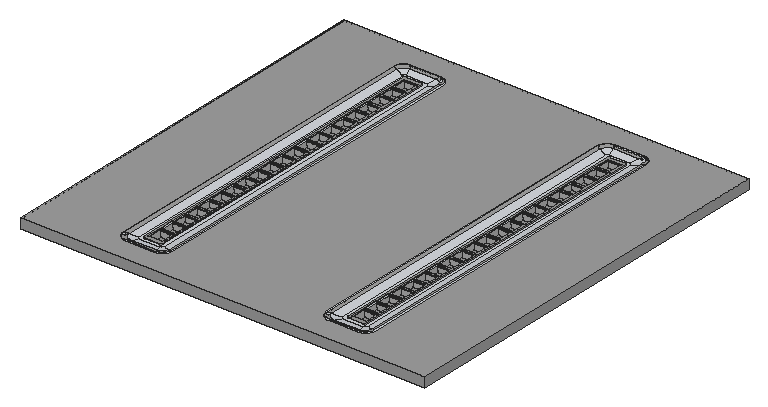
Revit family "0044002 Sylvania Lighting Fixture OptiClip 600 4000K C8 WH SSC WHITE", category Lighting Fixtures, host Face, Revit 2016
Family settings
  Host = Face
  Part Type = Normal
  Round Connector Dimension = Use Diameter
  OmniClass Number = 23.80.70.00
  OmniClass Title = Lighting
  Cut with Voids When Loaded = No
  Light Source = Yes
  Shared = No
  Room Calculation Point = No
Parameters (values of type "Type Name")
  spacer height = 5 mm
  spacer centres = 1000 mm
  height = 14.63 mm
  cut out width = 590 mm
  cut out length = 590 mm
  Width = 595 mm
  Weight = ""
  Wattage Comments = ""
  Wattage = 9.2903 W
  WarrantyStartDate [instance] = "n/a"
  WarrantyGuarantorParts = "n/a"
  WarrantyDurationUnit = "n/a"
  WarrantyDurationParts = "n/a"
  WarrantyDescription = "n/a"
  built-in parameter 1150110 = 1 (stored number, unit not read)
  Voltage = 0 V
  URL = "http://www.feilosylvania.com"
  TypeName = ""
  Type Image = <None>
  Type Comments = "n/a"
  built-in parameter 1114217 = 1 (stored number, unit not read)
  Tilt Angle = 90.00°
  built-in parameter 1150109 = 1 (stored number, unit not read)
  built-in parameter 1150134 = 3
  built-in parameter 1150113 = 1 (stored number, unit not read)
  SerialNumber [instance] = "n/a"
  Photometric Web File = "0044002.ies"
  Material_3_FEILO = none
  PowerFactor = 0
  PowerConsumption = ""
  NominalLength = 0 mm
  NominalHeight = 0 mm
  NominalDepth = 0 mm
  Name = ""
  ModelReference = Name  # ""
  ModelNumber = ""
  Model = Name  # ""
  Material = ""
  ManufacturerName = "Feilo Sylvania"
  Manufacturer = "Feilo Sylvania"
  LuminousEfficacy = ""
  built-in parameter 1150105 = 109.82 (stored number, unit not read)
  Lumens = 1380 lm
  LuminaireType = ""
  built-in parameter 1150115 = 1 (stored number, unit not read)
  LightOutputRatio = ""
  built-in parameter 1150137 = (empty or 0)
  built-in parameter 1150139 = (empty or 0)
  Length = 595 mm
  LampsType = Lamp  # ""
  LampNominalLuminous = ""
  LampMacAdamStep = ""
  LampColourTemperature = ""
  LampColourRenderingIndex = ""
  built-in parameter 1150112 = 1 (stored number, unit not read)
  built-in parameter 1150114 = 1 (stored number, unit not read)
  Lamp = ""
  Keynote = "16500"
  InstallationDate [instance] = "n/a"
  InputVoltage = ""
  InputNominalFrequency = ""
  built-in parameter 1150132 = (empty or 0)
  built-in parameter 1150102 = (empty or 0)
  built-in parameter 1150107 = 3200 (stored number, unit not read)
  built-in parameter 1150138 = (empty or 0)
  IngressProtection = ""
  ImpactProtectionIndex = ""
  built-in parameter 1150106 = 1.0982 (stored number, unit not read)
  IfcExportType = "IfcLightFixtureType"
  IfcExportAs = "IfcLightFixtureType"
  Height = 50 mm
  ExpectedLife = 50000
  Emit from Circle Diameter = 609.6 mm
  Emit Shape Visible in Rendering = no
  ElectricShockClassification = ""
  built-in parameter 1150104 = 13.8 (stored number, unit not read)
  DurationUnit = "hours"
  DocumentationLiterature = ""
  DimmingControlOptions = ""
  Material_2_FEILO = none
  Dimming Lamp Color Temperature Shift = <None>
  Description = ""
  Default Elevation = 1219.2 mm
  CreatedOn = ""
  CreatedBy = ""
  Cost = 0
  Color Filter = 16777215
  built-in parameter 1114216 [instance] = (empty or 0)
  ClassificationValue = "EF_70_80"
  ClassificationName = "Uniclass2015"
  Material_1_FEILO = none
  BarCode [instance] = "n/a"
  built-in parameter 1114218 = 1 (stored number, unit not read)
  built-in parameter 1150133 = 10 (stored number, unit not read)
  AssetType = ""
  AssetIdentifier [instance] = "n/a"
  Assembly Code = "D5020200"
  Apparent Load = 0 VA
  Material_4_FEILO = none
Reference planes
  plane 1 "Center (Front/Back)": y = 0
  plane 2: z = 0
  plane 3 "Center (Left/Right)": x = 0
  plane 4: z = 0
  plane 5: y = 297.5
  plane 6: y = -297.5
  plane 7: x = -297.5
  plane 8: x = 297.5
  plane 9: x = -295
  plane 10: x = 295
  plane 11: y = 295
  plane 12: y = -295
  plane 13: z = -14.63
  plane 14: y = 296.5
  plane 15: x = -296.5
  plane 16: x = 296.5
  plane 17: y = -296.5
  plane 18: x = -185
  plane 19: x = -113
  plane 20: y = -246.5
  plane 21: x = -184
  plane 22: y = 262
  plane 23: x = -114
  plane 24: y = -262
  plane 25: y = 245.5
  plane 26: y = -245.345
  plane 27: x = -160
  plane 28: x = -138
  plane 29: y = 236.5
  plane 30: y = -236.345
  plane 31: y = 213.35
  plane 32: y = 212.35
  plane 33: y = 190.95
  plane 34: y = 189.95
  plane 35: y = 168.595
  plane 36: y = 167.595
  plane 37: y = 146.15
  plane 38: y = 145.15
  plane 39: y = 123.75
  plane 40: y = 122.75
  plane 41: y = 101.35
  plane 42: y = 100.35
  plane 43: y = 78.95
  plane 44: y = 77.95
  plane 45: y = 56.576
  plane 46: y = 55.576
  plane 47: y = 34.15
  plane 48: y = 33.15
  plane 49: y = 11.75
  plane 50: y = 10.75
  plane 51: y = -10.65
  plane 52: y = -11.65
  plane 53: y = -33.05
  plane 54: y = -34.05
  plane 55: y = -55.45
  plane 56: y = -56.45
  plane 57: y = -77.805
  plane 58: y = -78.805
  plane 59: y = -100.25
  plane 60: y = -101.25
  plane 61: y = -122.65
  plane 62: y = -123.65
  plane 63: y = -145.05
  plane 64: y = -146.05
  plane 65: y = -167.45
  plane 66: y = -168.416
  plane 67: y = -189.816
  plane 68: y = -190.816
  plane 69: y = -212.216
  plane 70: y = -213.216
  plane 71: y = -234.616
  plane 72: x = -159.5
  plane 73: x = -138.539
  plane 74: y = 230.05
  plane 75: y = 218.05
  plane 76: x = -143.039
  plane 77: x = -155
  plane 78: x = -162.5
  plane 79: x = -135.5
  plane 80: y = 240.5
  plane 81: y = -240.345
  plane 82: y = 238
Forms (mm)
  Extrusion 1, void, detail levels medium+fine
    sketch origin (4.2, 0, 0) x (0, 1, 0) y (1, 0, 0)
      loop
        line (295, -299.2) -> (295, 290.8) -> (-295, 290.8) -> (-295, -299.2) -> (295, -299.2)
    from 0 to 10
  Extrusion 2, solid, material "Default", detail levels medium+fine
    sketch origin (4.2, 0, 0) x (1, 0, 0) y (0, 1, 0)
      loop
        line (-301.7, 297.5) -> (-301.7, -297.5) -> (293.3, -297.5) -> (293.3, 297.5) -> (-301.7, 297.5)
    from 0 to -14.63
  Extrusion 3, void, detail levels medium+fine
    sketch origin (4.2, 0, 0) x (0, 1, 0) y (1, 0, 0)
      loop
        line (296.5, -300.7) -> (296.5, 292.3) -> (-296.5, 292.3) -> (-296.5, -300.7) -> (296.5, -300.7)
    from 1.008 to 14.63
  Blend 4, solid, detail levels medium+fine
    base sketch origin (4.2, 0, 0) x (1, 0, 0) y (0, 1, 0)
      loop
        line (-189.2, 248) -> (-189.2, -248)
        arc (-189.2, -248) -> (-184.807, -258.607) -> (-174.2, -263) r 15
        line (-174.2, -263) -> (-132.2, -263)
        arc (-132.2, -263) -> (-121.593, -258.607) -> (-117.2, -248) r 15
        line (-117.2, -248) -> (-117.2, 248)
        arc (-117.2, 248) -> (-121.593, 258.607) -> (-132.2, 263) r 15
        line (-132.2, 263) -> (-174.2, 263)
        arc (-174.2, 263) -> (-184.807, 258.607) -> (-189.2, 248) r 15
    top sketch origin (4.2, 0, 0) x (1, 0, 0) y (0, 1, 0)
      loop
        line (-172.7, 242.5) -> (-172.7, -242.5)
        arc (-172.7, -242.5) -> (-171.517, -245.34) -> (-168.667, -246.5) r 4
        line (-168.667, -246.5) -> (-137.633, -246.5)
        arc (-137.633, -246.5) -> (-134.828, -245.324) -> (-133.7, -242.5) r 3.934
        line (-133.7, -242.5) -> (-133.7, 242.5)
        arc (-133.7, 242.5) -> (-134.982, 245.439) -> (-138.008, 246.5) r 4.011
        line (-138.008, 246.5) -> (-168.7, 246.5)
        arc (-168.7, 246.5) -> (-171.528, 245.328) -> (-172.7, 242.5) r 4
    from 0 to -4
  Blend 5, void
    base sketch origin (4.2, 0, 0) x (0, 1, 0) y (-1, 0, 0)
      loop
        line (248, 188.2) -> (-248, 188.2)
        arc (-248, 188.2) -> (-257.899, 184.099) -> (-262, 174.2) r 14
        line (-262, 174.2) -> (-262, 132.2)
        arc (-262, 132.2) -> (-257.899, 122.301) -> (-248, 118.2) r 14
        line (-248, 118.2) -> (248, 118.2)
        arc (248, 118.2) -> (257.899, 122.301) -> (262, 132.2) r 14
        line (262, 132.2) -> (262, 174.2)
        arc (262, 174.2) -> (257.899, 184.099) -> (248, 188.2) r 14
    top sketch origin (4.2, 0, 0) x (0, 1, 0) y (-1, 0, 0)
      loop
        line (242.5, 171.7) -> (-242.5, 171.7)
        arc (-242.5, 171.7) -> (-244.579, 170.8) -> (-245.345, 168.667) r 2.851
        line (-245.345, 168.667) -> (-245.345, 137.633)
        arc (-245.345, 137.633) -> (-244.517, 135.59) -> (-242.5, 134.7) r 2.934
        line (-242.5, 134.7) -> (242.5, 134.7)
        arc (242.5, 134.7) -> (244.733, 135.69) -> (245.5, 138.008) r 3.014
        line (245.5, 138.008) -> (245.5, 168.7)
        arc (245.5, 168.7) -> (244.621, 170.821) -> (242.5, 171.7) r 3
    from 0 to -3.5
  Extrusion 6, solid, material "Aluminum 1100-H18", detail levels medium+fine
    sketch origin (4.2, 0, 0) x (1, 0, 0) y (0, 1, 0)
      loop
        line (-164.2, 236.5) -> (-164.2, -236.345) -> (-142.2, -236.345) -> (-142.2, 236.5) -> (-164.2, 236.5)
    from -4 to -14.63
  Extrusion 7, solid, material "Aluminum 1100-H18", detail levels medium+fine
    sketch origin (4.2, 0, 0) x (1, 0, 0) y (0, 1, 0)
      loop
        line (-166.7, 238) -> (-166.7, -238.071)
        arc (-166.7, -238.071) -> (-165.953, -239.761) -> (-164.2, -240.345) r 2.284
        line (-164.2, -240.345) -> (-142.156, -240.345)
        arc (-142.156, -240.345) -> (-140.483, -239.689) -> (-139.7, -238.071) r 2.464
        line (-139.7, -238.071) -> (-139.7, 238)
        arc (-139.7, 238) -> (-140.432, 239.768) -> (-142.2, 240.5) r 2.5
        line (-142.2, 240.5) -> (-164.2, 240.5)
        arc (-164.2, 240.5) -> (-165.968, 239.768) -> (-166.7, 238) r 2.5
    from -3.5 to -2.5
  Blend 8, void
    base sketch origin (4.2, 0, 0) x (0, 1, 0) y (-1, 0, 0)
      loop
        line (234.75, 163.7) -> (213.35, 163.7) -> (213.35, 142.739) -> (234.75, 142.739) -> (234.75, 163.7)
    top sketch origin (4.2, 0, 0) x (0, 1, 0) y (-1, 0, 0)
      loop
        line (230.05, 159.2) -> (218.05, 159.2) -> (218.05, 147.239) -> (230.05, 147.239) -> (230.05, 159.2)
    from -2.5 to -11
  Blend 9, void
    base sketch origin (4.2, -22.4, 0) x (0, 1, 0) y (-1, 0, 0)
      loop
        line (234.75, 163.7) -> (213.35, 163.7) -> (213.35, 142.739) -> (234.75, 142.739) -> (234.75, 163.7)
    top sketch origin (4.2, -22.4, 0) x (0, 1, 0) y (-1, 0, 0)
      loop
        line (230.05, 159.2) -> (218.05, 159.2) -> (218.05, 147.239) -> (230.05, 147.239) -> (230.05, 159.2)
    from -2.5 to -11
  Blend 10, void
    base sketch origin (4.2, -44.8, 0) x (0, 1, 0) y (-1, 0, 0)
      loop
        line (234.75, 163.7) -> (213.35, 163.7) -> (213.35, 142.739) -> (234.75, 142.739) -> (234.75, 163.7)
    top sketch origin (4.2, -44.8, 0) x (0, 1, 0) y (-1, 0, 0)
      loop
        line (230.05, 159.2) -> (218.05, 159.2) -> (218.05, 147.239) -> (230.05, 147.239) -> (230.05, 159.2)
    from -2.5 to -11
  Blend 11, void
    base sketch origin (4.2, -67.155, 0) x (0, 1, 0) y (-1, 0, 0)
      loop
        line (234.75, 163.7) -> (213.35, 163.7) -> (213.35, 142.739) -> (234.75, 142.739) -> (234.75, 163.7)
    top sketch origin (4.2, -67.155, 0) x (0, 1, 0) y (-1, 0, 0)
      loop
        line (230.05, 159.2) -> (218.05, 159.2) -> (218.05, 147.239) -> (230.05, 147.239) -> (230.05, 159.2)
    from -2.5 to -11
  Blend 12, void
    base sketch origin (4.2, -89.6, 0) x (0, 1, 0) y (-1, 0, 0)
      loop
        line (234.75, 163.7) -> (213.35, 163.7) -> (213.35, 142.739) -> (234.75, 142.739) -> (234.75, 163.7)
    top sketch origin (4.2, -89.6, 0) x (0, 1, 0) y (-1, 0, 0)
      loop
        line (230.05, 159.2) -> (218.05, 159.2) -> (218.05, 147.239) -> (230.05, 147.239) -> (230.05, 159.2)
    from -2.5 to -11
  Blend 13, void
    base sketch origin (4.2, -112, 0) x (0, 1, 0) y (-1, 0, 0)
      loop
        line (234.75, 163.7) -> (213.35, 163.7) -> (213.35, 142.739) -> (234.75, 142.739) -> (234.75, 163.7)
    top sketch origin (4.2, -112, 0) x (0, 1, 0) y (-1, 0, 0)
      loop
        line (230.05, 159.2) -> (218.05, 159.2) -> (218.05, 147.239) -> (230.05, 147.239) -> (230.05, 159.2)
    from -2.5 to -11
  Blend 14, void
    base sketch origin (4.2, -134.4, 0) x (0, 1, 0) y (-1, 0, 0)
      loop
        line (234.75, 163.7) -> (213.35, 163.7) -> (213.35, 142.739) -> (234.75, 142.739) -> (234.75, 163.7)
    top sketch origin (4.2, -134.4, 0) x (0, 1, 0) y (-1, 0, 0)
      loop
        line (230.05, 159.2) -> (218.05, 159.2) -> (218.05, 147.239) -> (230.05, 147.239) -> (230.05, 159.2)
    from -2.5 to -11
  Blend 15, void
    base sketch origin (4.2, -156.8, 0) x (0, 1, 0) y (-1, 0, 0)
      loop
        line (234.75, 163.7) -> (213.35, 163.7) -> (213.35, 142.739) -> (234.75, 142.739) -> (234.75, 163.7)
    top sketch origin (4.2, -156.8, 0) x (0, 1, 0) y (-1, 0, 0)
      loop
        line (230.05, 159.2) -> (218.05, 159.2) -> (218.05, 147.239) -> (230.05, 147.239) -> (230.05, 159.2)
    from -2.5 to -11
  Blend 16, void
    base sketch origin (4.2, -179.174, 0) x (0, 1, 0) y (-1, 0, 0)
      loop
        line (234.75, 163.7) -> (213.35, 163.7) -> (213.35, 142.739) -> (234.75, 142.739) -> (234.75, 163.7)
    top sketch origin (4.2, -179.174, 0) x (0, 1, 0) y (-1, 0, 0)
      loop
        line (230.05, 159.2) -> (218.05, 159.2) -> (218.05, 147.239) -> (230.05, 147.239) -> (230.05, 159.2)
    from -2.5 to -11
  Blend 17, void
    base sketch origin (4.2, -201.6, 0) x (0, 1, 0) y (-1, 0, 0)
      loop
        line (234.75, 163.7) -> (213.35, 163.7) -> (213.35, 142.739) -> (234.75, 142.739) -> (234.75, 163.7)
    top sketch origin (4.2, -201.6, 0) x (0, 1, 0) y (-1, 0, 0)
      loop
        line (230.05, 159.2) -> (218.05, 159.2) -> (218.05, 147.239) -> (230.05, 147.239) -> (230.05, 159.2)
    from -2.5 to -11
  Blend 18, void
    base sketch origin (4.2, -224, 0) x (0, 1, 0) y (-1, 0, 0)
      loop
        line (234.75, 163.7) -> (213.35, 163.7) -> (213.35, 142.739) -> (234.75, 142.739) -> (234.75, 163.7)
    top sketch origin (4.2, -224, 0) x (0, 1, 0) y (-1, 0, 0)
      loop
        line (230.05, 159.2) -> (218.05, 159.2) -> (218.05, 147.239) -> (230.05, 147.239) -> (230.05, 159.2)
    from -2.5 to -11
  Blend 19, void
    base sketch origin (4.2, -246.4, 0) x (0, 1, 0) y (-1, 0, 0)
      loop
        line (234.75, 163.7) -> (213.35, 163.7) -> (213.35, 142.739) -> (234.75, 142.739) -> (234.75, 163.7)
    top sketch origin (4.2, -246.4, 0) x (0, 1, 0) y (-1, 0, 0)
      loop
        line (230.05, 159.2) -> (218.05, 159.2) -> (218.05, 147.239) -> (230.05, 147.239) -> (230.05, 159.2)
    from -2.5 to -11
  Blend 20, void
    base sketch origin (4.2, -268.8, 0) x (0, 1, 0) y (-1, 0, 0)
      loop
        line (234.75, 163.7) -> (213.35, 163.7) -> (213.35, 142.739) -> (234.75, 142.739) -> (234.75, 163.7)
    top sketch origin (4.2, -268.8, 0) x (0, 1, 0) y (-1, 0, 0)
      loop
        line (230.05, 159.2) -> (218.05, 159.2) -> (218.05, 147.239) -> (230.05, 147.239) -> (230.05, 159.2)
    from -2.5 to -11
  Blend 21, void
    base sketch origin (4.2, -291.2, 0) x (0, 1, 0) y (-1, 0, 0)
      loop
        line (234.75, 163.7) -> (213.35, 163.7) -> (213.35, 142.739) -> (234.75, 142.739) -> (234.75, 163.7)
    top sketch origin (4.2, -291.2, 0) x (0, 1, 0) y (-1, 0, 0)
      loop
        line (230.05, 159.2) -> (218.05, 159.2) -> (218.05, 147.239) -> (230.05, 147.239) -> (230.05, 159.2)
    from -2.5 to -11
  Blend 22, void
    base sketch origin (4.2, -313.555, 0) x (0, 1, 0) y (-1, 0, 0)
      loop
        line (234.75, 163.7) -> (213.35, 163.7) -> (213.35, 142.739) -> (234.75, 142.739) -> (234.75, 163.7)
    top sketch origin (4.2, -313.555, 0) x (0, 1, 0) y (-1, 0, 0)
      loop
        line (230.05, 159.2) -> (218.05, 159.2) -> (218.05, 147.239) -> (230.05, 147.239) -> (230.05, 159.2)
    from -2.5 to -11
  Blend 23, void
    base sketch origin (4.2, -336, 0) x (0, 1, 0) y (-1, 0, 0)
      loop
        line (234.75, 163.7) -> (213.35, 163.7) -> (213.35, 142.739) -> (234.75, 142.739) -> (234.75, 163.7)
    top sketch origin (4.2, -336, 0) x (0, 1, 0) y (-1, 0, 0)
      loop
        line (230.05, 159.2) -> (218.05, 159.2) -> (218.05, 147.239) -> (230.05, 147.239) -> (230.05, 159.2)
    from -2.5 to -11
  Blend 24, void
    base sketch origin (4.2, -358.4, 0) x (0, 1, 0) y (-1, 0, 0)
      loop
        line (234.75, 163.7) -> (213.35, 163.7) -> (213.35, 142.739) -> (234.75, 142.739) -> (234.75, 163.7)
    top sketch origin (4.2, -358.4, 0) x (0, 1, 0) y (-1, 0, 0)
      loop
        line (230.05, 159.2) -> (218.05, 159.2) -> (218.05, 147.239) -> (230.05, 147.239) -> (230.05, 159.2)
    from -2.5 to -11
  Blend 25, void
    base sketch origin (4.2, -380.8, 0) x (0, 1, 0) y (-1, 0, 0)
      loop
        line (234.75, 163.7) -> (213.35, 163.7) -> (213.35, 142.739) -> (234.75, 142.739) -> (234.75, 163.7)
    top sketch origin (4.2, -380.8, 0) x (0, 1, 0) y (-1, 0, 0)
      loop
        line (230.05, 159.2) -> (218.05, 159.2) -> (218.05, 147.239) -> (230.05, 147.239) -> (230.05, 159.2)
    from -2.5 to -11
  Extrusion 26, solid, material "Glass, White, High Luminance", detail levels fine
    sketch origin (4.2, 0, 0) x (1, 0, 0) y (0, 1, 0)
      loop
        line (-159.2, 230.05) -> (-159.2, 218.05) -> (-147.239, 218.05) -> (-147.239, 230.05) -> (-159.2, 230.05)
    from -11 to -10
  Extrusion 27, solid, material "Glass, White, High Luminance", detail levels fine
    sketch origin (4.2, -22.4, 0) x (1, 0, 0) y (0, 1, 0)
      loop
        line (-159.2, 230.05) -> (-159.2, 218.05) -> (-147.239, 218.05) -> (-147.239, 230.05) -> (-159.2, 230.05)
    from -11 to -10
  Extrusion 28, solid, material "Glass, White, High Luminance", detail levels fine
    sketch origin (4.2, -44.8, 0) x (1, 0, 0) y (0, 1, 0)
      loop
        line (-159.2, 230.05) -> (-159.2, 218.05) -> (-147.239, 218.05) -> (-147.239, 230.05) -> (-159.2, 230.05)
    from -11 to -10
  Extrusion 29, solid, material "Glass, White, High Luminance", detail levels fine
    sketch origin (4.2, -67.155, 0) x (1, 0, 0) y (0, 1, 0)
      loop
        line (-159.2, 230.05) -> (-159.2, 218.05) -> (-147.239, 218.05) -> (-147.239, 230.05) -> (-159.2, 230.05)
    from -11 to -10
  Extrusion 30, solid, material "Glass, White, High Luminance", detail levels fine
    sketch origin (4.2, -89.6, 0) x (1, 0, 0) y (0, 1, 0)
      loop
        line (-159.2, 230.05) -> (-159.2, 218.05) -> (-147.239, 218.05) -> (-147.239, 230.05) -> (-159.2, 230.05)
    from -11 to -10
  Extrusion 31, solid, material "Glass, White, High Luminance", detail levels fine
    sketch origin (4.2, -112, 0) x (1, 0, 0) y (0, 1, 0)
      loop
        line (-159.2, 230.05) -> (-159.2, 218.05) -> (-147.239, 218.05) -> (-147.239, 230.05) -> (-159.2, 230.05)
    from -11 to -10
  Extrusion 32, solid, material "Glass, White, High Luminance", detail levels fine
    sketch origin (4.2, -134.4, 0) x (1, 0, 0) y (0, 1, 0)
      loop
        line (-159.2, 230.05) -> (-159.2, 218.05) -> (-147.239, 218.05) -> (-147.239, 230.05) -> (-159.2, 230.05)
    from -11 to -10
  Extrusion 33, solid, material "Glass, White, High Luminance", detail levels fine
    sketch origin (4.2, -156.8, 0) x (1, 0, 0) y (0, 1, 0)
      loop
        line (-159.2, 230.05) -> (-159.2, 218.05) -> (-147.239, 218.05) -> (-147.239, 230.05) -> (-159.2, 230.05)
    from -11 to -10
  Extrusion 34, solid, material "Glass, White, High Luminance", detail levels fine
    sketch origin (4.2, -179.174, 0) x (1, 0, 0) y (0, 1, 0)
      loop
        line (-159.2, 230.05) -> (-159.2, 218.05) -> (-147.239, 218.05) -> (-147.239, 230.05) -> (-159.2, 230.05)
    from -11 to -10
  Extrusion 35, solid, material "Glass, White, High Luminance", detail levels fine
    sketch origin (4.2, -201.6, 0) x (1, 0, 0) y (0, 1, 0)
      loop
        line (-159.2, 230.05) -> (-159.2, 218.05) -> (-147.239, 218.05) -> (-147.239, 230.05) -> (-159.2, 230.05)
    from -11 to -10
  Extrusion 36, solid, material "Glass, White, High Luminance", detail levels fine
    sketch origin (4.2, -224, 0) x (1, 0, 0) y (0, 1, 0)
      loop
        line (-159.2, 230.05) -> (-159.2, 218.05) -> (-147.239, 218.05) -> (-147.239, 230.05) -> (-159.2, 230.05)
    from -11 to -10
  Extrusion 37, solid, material "Glass, White, High Luminance", detail levels fine
    sketch origin (4.2, -246.4, 0) x (1, 0, 0) y (0, 1, 0)
      loop
        line (-159.2, 230.05) -> (-159.2, 218.05) -> (-147.239, 218.05) -> (-147.239, 230.05) -> (-159.2, 230.05)
    from -11 to -10
  Extrusion 38, solid, material "Glass, White, High Luminance", detail levels fine
    sketch origin (4.2, -268.8, 0) x (1, 0, 0) y (0, 1, 0)
      loop
        line (-159.2, 230.05) -> (-159.2, 218.05) -> (-147.239, 218.05) -> (-147.239, 230.05) -> (-159.2, 230.05)
    from -11 to -10
  Extrusion 39, solid, material "Glass, White, High Luminance", detail levels fine
    sketch origin (4.2, -291.2, 0) x (1, 0, 0) y (0, 1, 0)
      loop
        line (-159.2, 230.05) -> (-159.2, 218.05) -> (-147.239, 218.05) -> (-147.239, 230.05) -> (-159.2, 230.05)
    from -11 to -10
  Extrusion 40, solid, material "Glass, White, High Luminance", detail levels fine
    sketch origin (4.2, -313.555, 0) x (1, 0, 0) y (0, 1, 0)
      loop
        line (-159.2, 230.05) -> (-159.2, 218.05) -> (-147.239, 218.05) -> (-147.239, 230.05) -> (-159.2, 230.05)
    from -11 to -10
  Extrusion 41, solid, material "Glass, White, High Luminance", detail levels fine
    sketch origin (4.2, -336, 0) x (1, 0, 0) y (0, 1, 0)
      loop
        line (-159.2, 230.05) -> (-159.2, 218.05) -> (-147.239, 218.05) -> (-147.239, 230.05) -> (-159.2, 230.05)
    from -11 to -10
  Extrusion 42, solid, material "Glass, White, High Luminance", detail levels fine
    sketch origin (4.2, -358.4, 0) x (1, 0, 0) y (0, 1, 0)
      loop
        line (-159.2, 230.05) -> (-159.2, 218.05) -> (-147.239, 218.05) -> (-147.239, 230.05) -> (-159.2, 230.05)
    from -11 to -10
  Extrusion 43, solid, material "Glass, White, High Luminance", detail levels fine
    sketch origin (4.2, -380.8, 0) x (1, 0, 0) y (0, 1, 0)
      loop
        line (-159.2, 230.05) -> (-159.2, 218.05) -> (-147.239, 218.05) -> (-147.239, 230.05) -> (-159.2, 230.05)
    from -11 to -10
  Extrusion 44, solid, material "Glass, White, High Luminance", detail levels fine
    sketch origin (3.419, -403.166, 0) x (1, 0, 0) y (0, 1, 0)
      loop
        line (-158.419, 230.05) -> (-158.419, 218.05) -> (-146.458, 218.05) -> (-146.458, 230.05) -> (-158.419, 230.05)
    from -11 to -10
  Extrusion 45, solid, material "Glass, White, High Luminance", detail levels fine
    sketch origin (3.419, -425.566, 0) x (1, 0, 0) y (0, 1, 0)
      loop
        line (-158.419, 230.05) -> (-158.419, 218.05) -> (-146.458, 218.05) -> (-146.458, 230.05) -> (-158.419, 230.05)
    from -11 to -10
  Extrusion 46, solid, material "Glass, White, High Luminance", detail levels fine
    sketch origin (3.419, -447.966, 0) x (1, 0, 0) y (0, 1, 0)
      loop
        line (-158.419, 230.05) -> (-158.419, 218.05) -> (-146.458, 218.05) -> (-146.458, 230.05) -> (-158.419, 230.05)
    from -11 to -10
  Blend 47, solid, detail levels medium+fine
    base sketch origin (303.2, 0, 0) x (1, 0, 0) y (0, 1, 0)
      loop
        line (-189.2, 248) -> (-189.2, -248)
        arc (-189.2, -248) -> (-184.807, -258.607) -> (-174.2, -263) r 15
        line (-174.2, -263) -> (-132.2, -263)
        arc (-132.2, -263) -> (-121.593, -258.607) -> (-117.2, -248) r 15
        line (-117.2, -248) -> (-117.2, 248)
        arc (-117.2, 248) -> (-121.593, 258.607) -> (-132.2, 263) r 15
        line (-132.2, 263) -> (-174.2, 263)
        arc (-174.2, 263) -> (-184.807, 258.607) -> (-189.2, 248) r 15
    top sketch origin (303.2, 0, 0) x (1, 0, 0) y (0, 1, 0)
      loop
        line (-172.7, 242.5) -> (-172.7, -242.5)
        arc (-172.7, -242.5) -> (-171.517, -245.34) -> (-168.667, -246.5) r 4
        line (-168.667, -246.5) -> (-137.633, -246.5)
        arc (-137.633, -246.5) -> (-134.828, -245.324) -> (-133.7, -242.5) r 3.934
        line (-133.7, -242.5) -> (-133.7, 242.5)
        arc (-133.7, 242.5) -> (-134.982, 245.439) -> (-138.008, 246.5) r 4.011
        line (-138.008, 246.5) -> (-168.7, 246.5)
        arc (-168.7, 246.5) -> (-171.528, 245.328) -> (-172.7, 242.5) r 4
    from 0 to -4
  Blend 48, void
    base sketch origin (303.2, 0, 0) x (0, 1, 0) y (-1, 0, 0)
      loop
        line (248, 188.2) -> (-248, 188.2)
        arc (-248, 188.2) -> (-257.899, 184.099) -> (-262, 174.2) r 14
        line (-262, 174.2) -> (-262, 132.2)
        arc (-262, 132.2) -> (-257.899, 122.301) -> (-248, 118.2) r 14
        line (-248, 118.2) -> (248, 118.2)
        arc (248, 118.2) -> (257.899, 122.301) -> (262, 132.2) r 14
        line (262, 132.2) -> (262, 174.2)
        arc (262, 174.2) -> (257.899, 184.099) -> (248, 188.2) r 14
    top sketch origin (303.2, 0, 0) x (0, 1, 0) y (-1, 0, 0)
      loop
        line (242.5, 171.7) -> (-242.5, 171.7)
        arc (-242.5, 171.7) -> (-244.579, 170.8) -> (-245.345, 168.667) r 2.851
        line (-245.345, 168.667) -> (-245.345, 137.633)
        arc (-245.345, 137.633) -> (-244.517, 135.59) -> (-242.5, 134.7) r 2.934
        line (-242.5, 134.7) -> (242.5, 134.7)
        arc (242.5, 134.7) -> (244.733, 135.69) -> (245.5, 138.008) r 3.014
        line (245.5, 138.008) -> (245.5, 168.7)
        arc (245.5, 168.7) -> (244.621, 170.821) -> (242.5, 171.7) r 3
    from 0 to -3.5
  Extrusion 49, solid, material "Aluminum 1100-H18", detail levels medium+fine
    sketch origin (304.2, 0, 0) x (1, 0, 0) y (0, 1, 0)
      loop
        line (-164.2, 236.5) -> (-164.2, -236.345) -> (-142.2, -236.345) -> (-142.2, 236.5) -> (-164.2, 236.5)
    from -4 to -14.63
  Blend 50, void
    base sketch origin (4.2, -403.166, 0) x (0, 1, 0) y (-1, 0, 0)
      loop
        line (234.75, 163.7) -> (213.35, 163.7) -> (213.35, 142.739) -> (234.75, 142.739) -> (234.75, 163.7)
    top sketch origin (4.2, -403.166, 0) x (0, 1, 0) y (-1, 0, 0)
      loop
        line (230.05, 159.2) -> (218.05, 159.2) -> (218.05, 147.239) -> (230.05, 147.239) -> (230.05, 159.2)
    from -2.5 to -11
  Blend 51, void
    base sketch origin (4.2, -425.566, 0) x (0, 1, 0) y (-1, 0, 0)
      loop
        line (234.75, 163.7) -> (213.35, 163.7) -> (213.35, 142.739) -> (234.75, 142.739) -> (234.75, 163.7)
    top sketch origin (4.2, -425.566, 0) x (0, 1, 0) y (-1, 0, 0)
      loop
        line (230.05, 159.2) -> (218.05, 159.2) -> (218.05, 147.239) -> (230.05, 147.239) -> (230.05, 159.2)
    from -2.5 to -11
  Blend 52, void
    base sketch origin (4.2, -447.966, 0) x (0, 1, 0) y (-1, 0, 0)
      loop
        line (234.75, 163.7) -> (213.35, 163.7) -> (213.35, 142.739) -> (234.75, 142.739) -> (234.75, 163.7)
    top sketch origin (4.2, -447.966, 0) x (0, 1, 0) y (-1, 0, 0)
      loop
        line (230.05, 159.2) -> (218.05, 159.2) -> (218.05, 147.239) -> (230.05, 147.239) -> (230.05, 159.2)
    from -2.5 to -11
  Extrusion 53, solid, material "Aluminum 1100-H18", detail levels medium+fine
    sketch origin (304.2, 0, 0) x (1, 0, 0) y (0, 1, 0)
      loop
        line (-166.7, 238) -> (-166.7, -238.071)
        arc (-166.7, -238.071) -> (-165.953, -239.761) -> (-164.2, -240.345) r 2.284
        line (-164.2, -240.345) -> (-142.156, -240.345)
        arc (-142.156, -240.345) -> (-140.483, -239.689) -> (-139.7, -238.071) r 2.464
        line (-139.7, -238.071) -> (-139.7, 238)
        arc (-139.7, 238) -> (-140.432, 239.768) -> (-142.2, 240.5) r 2.5
        line (-142.2, 240.5) -> (-164.2, 240.5)
        arc (-164.2, 240.5) -> (-165.968, 239.768) -> (-166.7, 238) r 2.5
    from -3.5 to -2.5
  Blend 54, void
    base sketch origin (304.2, 0, 0) x (0, 1, 0) y (-1, 0, 0)
      loop
        line (234.75, 163.7) -> (213.35, 163.7) -> (213.35, 142.739) -> (234.75, 142.739) -> (234.75, 163.7)
    top sketch origin (304.2, 0, 0) x (0, 1, 0) y (-1, 0, 0)
      loop
        line (230.05, 159.2) -> (218.05, 159.2) -> (218.05, 147.239) -> (230.05, 147.239) -> (230.05, 159.2)
    from -2.5 to -11
  Blend 55, void
    base sketch origin (304.2, -22.4, 0) x (0, 1, 0) y (-1, 0, 0)
      loop
        line (234.75, 163.7) -> (213.35, 163.7) -> (213.35, 142.739) -> (234.75, 142.739) -> (234.75, 163.7)
    top sketch origin (304.2, -22.4, 0) x (0, 1, 0) y (-1, 0, 0)
      loop
        line (230.05, 159.2) -> (218.05, 159.2) -> (218.05, 147.239) -> (230.05, 147.239) -> (230.05, 159.2)
    from -2.5 to -11
  Blend 56, void
    base sketch origin (304.2, -44.8, 0) x (0, 1, 0) y (-1, 0, 0)
      loop
        line (234.75, 163.7) -> (213.35, 163.7) -> (213.35, 142.739) -> (234.75, 142.739) -> (234.75, 163.7)
    top sketch origin (304.2, -44.8, 0) x (0, 1, 0) y (-1, 0, 0)
      loop
        line (230.05, 159.2) -> (218.05, 159.2) -> (218.05, 147.239) -> (230.05, 147.239) -> (230.05, 159.2)
    from -2.5 to -11
  Blend 57, void
    base sketch origin (304.2, -67.155, 0) x (0, 1, 0) y (-1, 0, 0)
      loop
        line (234.75, 163.7) -> (213.35, 163.7) -> (213.35, 142.739) -> (234.75, 142.739) -> (234.75, 163.7)
    top sketch origin (304.2, -67.155, 0) x (0, 1, 0) y (-1, 0, 0)
      loop
        line (230.05, 159.2) -> (218.05, 159.2) -> (218.05, 147.239) -> (230.05, 147.239) -> (230.05, 159.2)
    from -2.5 to -11
  Blend 58, void
    base sketch origin (304.2, -89.6, 0) x (0, 1, 0) y (-1, 0, 0)
      loop
        line (234.75, 163.7) -> (213.35, 163.7) -> (213.35, 142.739) -> (234.75, 142.739) -> (234.75, 163.7)
    top sketch origin (304.2, -89.6, 0) x (0, 1, 0) y (-1, 0, 0)
      loop
        line (230.05, 159.2) -> (218.05, 159.2) -> (218.05, 147.239) -> (230.05, 147.239) -> (230.05, 159.2)
    from -2.5 to -11
  Blend 59, void
    base sketch origin (304.2, -112, 0) x (0, 1, 0) y (-1, 0, 0)
      loop
        line (234.75, 163.7) -> (213.35, 163.7) -> (213.35, 142.739) -> (234.75, 142.739) -> (234.75, 163.7)
    top sketch origin (304.2, -112, 0) x (0, 1, 0) y (-1, 0, 0)
      loop
        line (230.05, 159.2) -> (218.05, 159.2) -> (218.05, 147.239) -> (230.05, 147.239) -> (230.05, 159.2)
    from -2.5 to -11
  Blend 60, void
    base sketch origin (304.2, -134.4, 0) x (0, 1, 0) y (-1, 0, 0)
      loop
        line (234.75, 163.7) -> (213.35, 163.7) -> (213.35, 142.739) -> (234.75, 142.739) -> (234.75, 163.7)
    top sketch origin (304.2, -134.4, 0) x (0, 1, 0) y (-1, 0, 0)
      loop
        line (230.05, 159.2) -> (218.05, 159.2) -> (218.05, 147.239) -> (230.05, 147.239) -> (230.05, 159.2)
    from -2.5 to -11
  Blend 61, void
    base sketch origin (304.2, -156.8, 0) x (0, 1, 0) y (-1, 0, 0)
      loop
        line (234.75, 163.7) -> (213.35, 163.7) -> (213.35, 142.739) -> (234.75, 142.739) -> (234.75, 163.7)
    top sketch origin (304.2, -156.8, 0) x (0, 1, 0) y (-1, 0, 0)
      loop
        line (230.05, 159.2) -> (218.05, 159.2) -> (218.05, 147.239) -> (230.05, 147.239) -> (230.05, 159.2)
    from -2.5 to -11
  Blend 62, void
    base sketch origin (304.2, -179.174, 0) x (0, 1, 0) y (-1, 0, 0)
      loop
        line (234.75, 163.7) -> (213.35, 163.7) -> (213.35, 142.739) -> (234.75, 142.739) -> (234.75, 163.7)
    top sketch origin (304.2, -179.174, 0) x (0, 1, 0) y (-1, 0, 0)
      loop
        line (230.05, 159.2) -> (218.05, 159.2) -> (218.05, 147.239) -> (230.05, 147.239) -> (230.05, 159.2)
    from -2.5 to -11
  Blend 63, void
    base sketch origin (304.2, -201.6, 0) x (0, 1, 0) y (-1, 0, 0)
      loop
        line (234.75, 163.7) -> (213.35, 163.7) -> (213.35, 142.739) -> (234.75, 142.739) -> (234.75, 163.7)
    top sketch origin (304.2, -201.6, 0) x (0, 1, 0) y (-1, 0, 0)
      loop
        line (230.05, 159.2) -> (218.05, 159.2) -> (218.05, 147.239) -> (230.05, 147.239) -> (230.05, 159.2)
    from -2.5 to -11
  Blend 64, void
    base sketch origin (304.2, -224, 0) x (0, 1, 0) y (-1, 0, 0)
      loop
        line (234.75, 163.7) -> (213.35, 163.7) -> (213.35, 142.739) -> (234.75, 142.739) -> (234.75, 163.7)
    top sketch origin (304.2, -224, 0) x (0, 1, 0) y (-1, 0, 0)
      loop
        line (230.05, 159.2) -> (218.05, 159.2) -> (218.05, 147.239) -> (230.05, 147.239) -> (230.05, 159.2)
    from -2.5 to -11
  Blend 65, void
    base sketch origin (304.2, -246.4, 0) x (0, 1, 0) y (-1, 0, 0)
      loop
        line (234.75, 163.7) -> (213.35, 163.7) -> (213.35, 142.739) -> (234.75, 142.739) -> (234.75, 163.7)
    top sketch origin (304.2, -246.4, 0) x (0, 1, 0) y (-1, 0, 0)
      loop
        line (230.05, 159.2) -> (218.05, 159.2) -> (218.05, 147.239) -> (230.05, 147.239) -> (230.05, 159.2)
    from -2.5 to -11
  Blend 66, void
    base sketch origin (304.2, -268.8, 0) x (0, 1, 0) y (-1, 0, 0)
      loop
        line (234.75, 163.7) -> (213.35, 163.7) -> (213.35, 142.739) -> (234.75, 142.739) -> (234.75, 163.7)
    top sketch origin (304.2, -268.8, 0) x (0, 1, 0) y (-1, 0, 0)
      loop
        line (230.05, 159.2) -> (218.05, 159.2) -> (218.05, 147.239) -> (230.05, 147.239) -> (230.05, 159.2)
    from -2.5 to -11
  Blend 67, void
    base sketch origin (304.2, -291.2, 0) x (0, 1, 0) y (-1, 0, 0)
      loop
        line (234.75, 163.7) -> (213.35, 163.7) -> (213.35, 142.739) -> (234.75, 142.739) -> (234.75, 163.7)
    top sketch origin (304.2, -291.2, 0) x (0, 1, 0) y (-1, 0, 0)
      loop
        line (230.05, 159.2) -> (218.05, 159.2) -> (218.05, 147.239) -> (230.05, 147.239) -> (230.05, 159.2)
    from -2.5 to -11
  Blend 68, void
    base sketch origin (304.2, -313.555, 0) x (0, 1, 0) y (-1, 0, 0)
      loop
        line (234.75, 163.7) -> (213.35, 163.7) -> (213.35, 142.739) -> (234.75, 142.739) -> (234.75, 163.7)
    top sketch origin (304.2, -313.555, 0) x (0, 1, 0) y (-1, 0, 0)
      loop
        line (230.05, 159.2) -> (218.05, 159.2) -> (218.05, 147.239) -> (230.05, 147.239) -> (230.05, 159.2)
    from -2.5 to -11
  Blend 69, void
    base sketch origin (304.2, -336, 0) x (0, 1, 0) y (-1, 0, 0)
      loop
        line (234.75, 163.7) -> (213.35, 163.7) -> (213.35, 142.739) -> (234.75, 142.739) -> (234.75, 163.7)
    top sketch origin (304.2, -336, 0) x (0, 1, 0) y (-1, 0, 0)
      loop
        line (230.05, 159.2) -> (218.05, 159.2) -> (218.05, 147.239) -> (230.05, 147.239) -> (230.05, 159.2)
    from -2.5 to -11
  Blend 70, void
    base sketch origin (304.2, -358.4, 0) x (0, 1, 0) y (-1, 0, 0)
      loop
        line (234.75, 163.7) -> (213.35, 163.7) -> (213.35, 142.739) -> (234.75, 142.739) -> (234.75, 163.7)
    top sketch origin (304.2, -358.4, 0) x (0, 1, 0) y (-1, 0, 0)
      loop
        line (230.05, 159.2) -> (218.05, 159.2) -> (218.05, 147.239) -> (230.05, 147.239) -> (230.05, 159.2)
    from -2.5 to -11
  Blend 71, void
    base sketch origin (304.2, -380.8, 0) x (0, 1, 0) y (-1, 0, 0)
      loop
        line (234.75, 163.7) -> (213.35, 163.7) -> (213.35, 142.739) -> (234.75, 142.739) -> (234.75, 163.7)
    top sketch origin (304.2, -380.8, 0) x (0, 1, 0) y (-1, 0, 0)
      loop
        line (230.05, 159.2) -> (218.05, 159.2) -> (218.05, 147.239) -> (230.05, 147.239) -> (230.05, 159.2)
    from -2.5 to -11
  Blend 72, void
    base sketch origin (304.2, -403.166, 0) x (0, 1, 0) y (-1, 0, 0)
      loop
        line (234.75, 163.7) -> (213.35, 163.7) -> (213.35, 142.739) -> (234.75, 142.739) -> (234.75, 163.7)
    top sketch origin (304.2, -403.166, 0) x (0, 1, 0) y (-1, 0, 0)
      loop
        line (230.05, 159.2) -> (218.05, 159.2) -> (218.05, 147.239) -> (230.05, 147.239) -> (230.05, 159.2)
    from -2.5 to -11
  Blend 73, void
    base sketch origin (304.2, -425.566, 0) x (0, 1, 0) y (-1, 0, 0)
      loop
        line (234.75, 163.7) -> (213.35, 163.7) -> (213.35, 142.739) -> (234.75, 142.739) -> (234.75, 163.7)
    top sketch origin (304.2, -425.566, 0) x (0, 1, 0) y (-1, 0, 0)
      loop
        line (230.05, 159.2) -> (218.05, 159.2) -> (218.05, 147.239) -> (230.05, 147.239) -> (230.05, 159.2)
    from -2.5 to -11
  Blend 74, void
    base sketch origin (304.2, -447.966, 0) x (0, 1, 0) y (-1, 0, 0)
      loop
        line (234.75, 163.7) -> (213.35, 163.7) -> (213.35, 142.739) -> (234.75, 142.739) -> (234.75, 163.7)
    top sketch origin (304.2, -447.966, 0) x (0, 1, 0) y (-1, 0, 0)
      loop
        line (230.05, 159.2) -> (218.05, 159.2) -> (218.05, 147.239) -> (230.05, 147.239) -> (230.05, 159.2)
    from -2.5 to -11
  Extrusion 75, solid, material "Glass, White, High Luminance", detail levels fine
    sketch origin (304.2, 0, 0) x (1, 0, 0) y (0, 1, 0)
      loop
        line (-159.2, 230.05) -> (-159.2, 218.05) -> (-147.239, 218.05) -> (-147.239, 230.05) -> (-159.2, 230.05)
    from -11 to -10
  Extrusion 76, solid, material "Glass, White, High Luminance", detail levels fine
    sketch origin (304.2, -22.4, 0) x (1, 0, 0) y (0, 1, 0)
      loop
        line (-159.2, 230.05) -> (-159.2, 218.05) -> (-147.239, 218.05) -> (-147.239, 230.05) -> (-159.2, 230.05)
    from -11 to -10
  Extrusion 77, solid, material "Glass, White, High Luminance", detail levels fine
    sketch origin (304.2, -44.8, 0) x (1, 0, 0) y (0, 1, 0)
      loop
        line (-159.2, 230.05) -> (-159.2, 218.05) -> (-147.239, 218.05) -> (-147.239, 230.05) -> (-159.2, 230.05)
    from -11 to -10
  Extrusion 78, solid, material "Glass, White, High Luminance", detail levels fine
    sketch origin (304.2, -67.155, 0) x (1, 0, 0) y (0, 1, 0)
      loop
        line (-159.2, 230.05) -> (-159.2, 218.05) -> (-147.239, 218.05) -> (-147.239, 230.05) -> (-159.2, 230.05)
    from -11 to -10
  Extrusion 79, solid, material "Glass, White, High Luminance", detail levels fine
    sketch origin (304.2, -89.6, 0) x (1, 0, 0) y (0, 1, 0)
      loop
        line (-159.2, 230.05) -> (-159.2, 218.05) -> (-147.239, 218.05) -> (-147.239, 230.05) -> (-159.2, 230.05)
    from -11 to -10
  Extrusion 80, solid, material "Glass, White, High Luminance", detail levels fine
    sketch origin (304.2, -112, 0) x (1, 0, 0) y (0, 1, 0)
      loop
        line (-159.2, 230.05) -> (-159.2, 218.05) -> (-147.239, 218.05) -> (-147.239, 230.05) -> (-159.2, 230.05)
    from -11 to -10
  Extrusion 81, solid, material "Glass, White, High Luminance", detail levels fine
    sketch origin (304.2, -134.4, 0) x (1, 0, 0) y (0, 1, 0)
      loop
        line (-159.2, 230.05) -> (-159.2, 218.05) -> (-147.239, 218.05) -> (-147.239, 230.05) -> (-159.2, 230.05)
    from -11 to -10
  Extrusion 82, solid, material "Glass, White, High Luminance", detail levels fine
    sketch origin (304.2, -156.8, 0) x (1, 0, 0) y (0, 1, 0)
      loop
        line (-159.2, 230.05) -> (-159.2, 218.05) -> (-147.239, 218.05) -> (-147.239, 230.05) -> (-159.2, 230.05)
    from -11 to -10
  Extrusion 83, solid, material "Glass, White, High Luminance", detail levels fine
    sketch origin (304.2, -179.174, 0) x (1, 0, 0) y (0, 1, 0)
      loop
        line (-159.2, 230.05) -> (-159.2, 218.05) -> (-147.239, 218.05) -> (-147.239, 230.05) -> (-159.2, 230.05)
    from -11 to -10
  Extrusion 84, solid, material "Glass, White, High Luminance", detail levels fine
    sketch origin (304.2, -201.6, 0) x (1, 0, 0) y (0, 1, 0)
      loop
        line (-159.2, 230.05) -> (-159.2, 218.05) -> (-147.239, 218.05) -> (-147.239, 230.05) -> (-159.2, 230.05)
    from -11 to -10
  Extrusion 85, solid, material "Glass, White, High Luminance", detail levels fine
    sketch origin (304.2, -224, 0) x (1, 0, 0) y (0, 1, 0)
      loop
        line (-159.2, 230.05) -> (-159.2, 218.05) -> (-147.239, 218.05) -> (-147.239, 230.05) -> (-159.2, 230.05)
    from -11 to -10
  Extrusion 86, solid, material "Glass, White, High Luminance", detail levels fine
    sketch origin (304.2, -246.4, 0) x (1, 0, 0) y (0, 1, 0)
      loop
        line (-159.2, 230.05) -> (-159.2, 218.05) -> (-147.239, 218.05) -> (-147.239, 230.05) -> (-159.2, 230.05)
    from -11 to -10
  Extrusion 87, solid, material "Glass, White, High Luminance", detail levels fine
    sketch origin (304.2, -268.8, 0) x (1, 0, 0) y (0, 1, 0)
      loop
        line (-159.2, 230.05) -> (-159.2, 218.05) -> (-147.239, 218.05) -> (-147.239, 230.05) -> (-159.2, 230.05)
    from -11 to -10
  Extrusion 88, solid, material "Glass, White, High Luminance", detail levels fine
    sketch origin (304.2, -291.2, 0) x (1, 0, 0) y (0, 1, 0)
      loop
        line (-159.2, 230.05) -> (-159.2, 218.05) -> (-147.239, 218.05) -> (-147.239, 230.05) -> (-159.2, 230.05)
    from -11 to -10
  Extrusion 89, solid, material "Glass, White, High Luminance", detail levels fine
    sketch origin (304.2, -313.555, 0) x (1, 0, 0) y (0, 1, 0)
      loop
        line (-159.2, 230.05) -> (-159.2, 218.05) -> (-147.239, 218.05) -> (-147.239, 230.05) -> (-159.2, 230.05)
    from -11 to -10
  Extrusion 90, solid, material "Glass, White, High Luminance", detail levels fine
    sketch origin (304.2, -336, 0) x (1, 0, 0) y (0, 1, 0)
      loop
        line (-159.2, 230.05) -> (-159.2, 218.05) -> (-147.239, 218.05) -> (-147.239, 230.05) -> (-159.2, 230.05)
    from -11 to -10
  Extrusion 91, solid, material "Glass, White, High Luminance", detail levels fine
    sketch origin (304.2, -358.4, 0) x (1, 0, 0) y (0, 1, 0)
      loop
        line (-159.2, 230.05) -> (-159.2, 218.05) -> (-147.239, 218.05) -> (-147.239, 230.05) -> (-159.2, 230.05)
    from -11 to -10
  Extrusion 92, solid, material "Glass, White, High Luminance", detail levels fine
    sketch origin (304.2, -380.8, 0) x (1, 0, 0) y (0, 1, 0)
      loop
        line (-159.2, 230.05) -> (-159.2, 218.05) -> (-147.239, 218.05) -> (-147.239, 230.05) -> (-159.2, 230.05)
    from -11 to -10
  Extrusion 93, solid, material "Glass, White, High Luminance", detail levels fine
    sketch origin (303.419, -403.166, 0) x (1, 0, 0) y (0, 1, 0)
      loop
        line (-158.419, 230.05) -> (-158.419, 218.05) -> (-146.458, 218.05) -> (-146.458, 230.05) -> (-158.419, 230.05)
    from -11 to -10
  Extrusion 94, solid, material "Glass, White, High Luminance", detail levels fine
    sketch origin (303.419, -425.566, 0) x (1, 0, 0) y (0, 1, 0)
      loop
        line (-158.419, 230.05) -> (-158.419, 218.05) -> (-146.458, 218.05) -> (-146.458, 230.05) -> (-158.419, 230.05)
    from -11 to -10
  Extrusion 95, solid, material "Glass, White, High Luminance", detail levels fine
    sketch origin (303.419, -447.966, 0) x (1, 0, 0) y (0, 1, 0)
      loop
        line (-158.419, 230.05) -> (-158.419, 218.05) -> (-146.458, 218.05) -> (-146.458, 230.05) -> (-158.419, 230.05)
    from -11 to -10
  Extrusion 96, solid, detail levels coarse
    sketch origin (4.2, 0, 0) x (1, 0, 0) y (0, 1, 0)
      loop
        line (-301.7, 297.5) -> (-301.7, -297.5) -> (293.3, -297.5) -> (293.3, 297.5) -> (-301.7, 297.5)
    from -14.63 to 0
Cuts and joins
  Extrusion 3, Blend 5, Blend 48 cuts Extrusion 2
  Blend 5, Blend 8, Blend 9, Blend 10, Blend 11, Blend 12, Blend 13, Blend 14, Blend 15, Blend 16, Blend 17, Blend 18, Blend 19, Blend 20, Blend 21, Blend 22, Blend 23, Blend 24, Blend 25, Blend 50, Blend 51, Blend 52, Blend 54, Blend 55, Blend 56, Blend 57, Blend 58, Blend 59, Blend 60, Blend 61, Blend 62, Blend 63, Blend 64, Blend 65, Blend 66, Blend 67, Blend 68, Blend 69, Blend 70, Blend 71, Blend 72, Blend 73, Blend 74 cuts Blend 4
  Blend 8, Blend 9, Blend 10, Blend 11, Blend 12, Blend 13, Blend 14, Blend 15, Blend 16, Blend 17, Blend 18, Blend 19, Blend 20, Blend 21, Blend 22, Blend 23, Blend 24, Blend 25, Blend 48, Blend 50, Blend 51, Blend 52, Blend 54, Blend 55, Blend 56, Blend 57, Blend 58, Blend 59, Blend 60, Blend 61, Blend 62, Blend 63, Blend 64, Blend 65, Blend 66, Blend 67, Blend 68, Blend 69, Blend 70, Blend 71, Blend 72, Blend 73, Blend 74 cuts Extrusion 6
  Blend 8, Blend 9, Blend 10, Blend 11, Blend 12, Blend 13, Blend 14, Blend 15, Blend 16, Blend 17, Blend 18, Blend 19, Blend 20, Blend 21, Blend 22, Blend 23, Blend 24, Blend 25, Blend 48, Blend 50, Blend 51, Blend 52, Blend 54, Blend 55, Blend 56, Blend 57, Blend 58, Blend 59, Blend 60, Blend 61, Blend 62, Blend 63, Blend 64, Blend 65, Blend 66, Blend 67, Blend 68, Blend 69, Blend 70, Blend 71, Blend 72, Blend 73, Blend 74 cuts Extrusion 7
  joined: Extrusion 6, Extrusion 7
  Blend 48, Blend 54, Blend 55, Blend 56, Blend 57, Blend 58, Blend 59, Blend 60, Blend 61, Blend 62, Blend 63, Blend 64, Blend 65, Blend 66, Blend 67, Blend 68, Blend 69, Blend 70, Blend 71, Blend 72, Blend 73, Blend 74 cuts Blend 47
  Blend 50, Blend 71 cuts Extrusion 43
  Blend 51, Blend 72 cuts Extrusion 44
  Blend 52, Blend 73 cuts Extrusion 45
  Blend 54 cuts Extrusion 26
  Blend 55 cuts Extrusion 27
  Blend 56 cuts Extrusion 28
  Blend 57 cuts Extrusion 29
  Blend 58 cuts Extrusion 30
  Blend 59 cuts Extrusion 31
  Blend 60 cuts Extrusion 32
  Blend 61 cuts Extrusion 33
  Blend 62 cuts Extrusion 34
  Blend 63 cuts Extrusion 35
  Blend 64 cuts Extrusion 36
  Blend 65 cuts Extrusion 37
  Blend 66 cuts Extrusion 38
  Blend 67 cuts Extrusion 39
  Blend 68 cuts Extrusion 40
  Blend 69 cuts Extrusion 41
  Blend 70 cuts Extrusion 42
  Blend 74 cuts Extrusion 46
  Blend 48, Blend 54, Blend 55, Blend 56, Blend 57, Blend 58, Blend 59, Blend 60, Blend 61, Blend 62, Blend 63, Blend 64, Blend 65, Blend 66, Blend 67, Blend 68, Blend 69, Blend 70, Blend 71, Blend 72, Blend 73, Blend 74 cuts Extrusion 49
  Blend 54, Blend 55, Blend 56, Blend 57, Blend 58, Blend 59, Blend 60, Blend 61, Blend 62, Blend 63, Blend 64, Blend 65, Blend 66, Blend 67, Blend 68, Blend 69, Blend 70, Blend 71, Blend 72, Blend 73, Blend 74 cuts Extrusion 53
Dimensions and locks
  "Width": plane 5 to plane 6
  equal spacing: plane 5, plane 1 "Center (Front/Back)", plane 6
  "Length": plane 7 to plane 8
  equal spacing: plane 7, plane 3 "Center (Left/Right)", plane 8
  "cut out length": plane 9 to plane 10
  equal spacing: plane 9, plane 3 "Center (Left/Right)", plane 10
  "cut out width": plane 11 to plane 12
  equal spacing: plane 11, plane 1 "Center (Front/Back)", plane 12
  "height": plane 13 to level
  aligned and locked: plane 2 to host face
  aligned and locked: level to host face
  aligned and locked: Extrusion 2 to plane 13
Automatic sketch dimensions
  host sketch curve to host sketch curve = 2438.4 mm  (x2)
  Extrusion 1 sketch curve to plane 9 = 0 mm
  Extrusion 1 sketch curve to plane 12 = 0 mm
  Extrusion 1 sketch curve to plane 10 = 0 mm
  Extrusion 1 sketch curve to plane 11 = 0 mm
  Extrusion 2 sketch curve to plane 6 = 0 mm
  Extrusion 2 sketch curve to plane 7 = 0 mm
  Extrusion 2 sketch curve to plane 8 = 0 mm
  Extrusion 2 sketch curve to plane 5 = 0 mm
  Extrusion 3 sketch curve to plane 15 = 0 mm
  Extrusion 3 sketch curve to plane 17 = 0 mm
  Extrusion 3 sketch curve to plane 14 = 0 mm
  Extrusion 3 sketch curve to plane 16 = 0 mm
  Blend 4 sketch curve to plane 18 = 0 mm
  Blend 4 sketch curve to plane 19 = 0 mm
  Blend 4 sketch curve to plane 24 = 1 mm
  Blend 4 sketch curve to plane 78 = 7.5 mm  (x2)
  plane 25 to Blend 4 sketch curve = 2.5 mm  (x2)
  plane 79 to Blend 4 sketch curve = 7.5 mm
  Blend 4 sketch curve to plane 20 = 0 mm
  Blend 4 sketch curve to plane 78 = 6 mm
  plane 25 to Blend 4 sketch curve = 1 mm
  Blend 4 sketch curve to plane 78 = 2 mm  (x2)
  Blend 4 sketch curve to plane 78 = 1.967 mm
  plane 79 to Blend 4 sketch curve = 1.692 mm
  plane 79 to Blend 4 sketch curve = 1.989 mm
  plane 79 to Blend 4 sketch curve = 2.067 mm
  plane 80 to Blend 4 sketch curve = 2 mm
  Blend 4 sketch curve to Blend 4 sketch curve = 3.934 mm
  Blend 5 sketch curve to plane 24 = 0 mm
  Blend 5 sketch curve to plane 23 = 0 mm
  Blend 5 sketch curve to plane 21 = 0 mm
  Blend 5 sketch curve to plane 22 = 0 mm
  Blend 5 sketch curve to plane 20 = 1.5 mm  (x2)
  plane 25 to Blend 5 sketch curve = 2.5 mm  (x2)
  Blend 5 sketch curve to plane 26 = 0 mm
  Blend 5 sketch curve to plane 25 = 0 mm
  Blend 5 sketch curve to plane 81 = 2.155 mm  (x2)
  Blend 5 sketch curve to plane 81 = 2.066 mm
  plane 80 to Blend 5 sketch curve = 2 mm  (x2)
  plane 79 to Blend 5 sketch curve = 5 mm
  Blend 5 sketch curve to Blend 5 sketch curve = 3.014 mm
  Blend 5 sketch curve to plane 78 = 1.967 mm
  Blend 5 sketch curve to plane 78 = 2 mm
  Extrusion 6 sketch curve to plane 27 = 0 mm
  Extrusion 6 sketch curve to plane 28 = 0 mm
  Extrusion 6 sketch curve to plane 30 = 0 mm
  Extrusion 6 sketch curve to plane 29 = 0 mm
  Extrusion 7 sketch curve to plane 78 = 0 mm
  Extrusion 7 sketch curve to plane 27 = 0 mm  (x2)
  Extrusion 7 sketch curve to plane 28 = 0 mm
  Extrusion 7 sketch curve to plane 81 = 0 mm
  Extrusion 7 sketch curve to plane 79 = 0 mm
  Extrusion 7 sketch curve to plane 82 = 0 mm
  Extrusion 7 sketch curve to plane 27 = 0.216 mm
  plane 28 to Extrusion 7 sketch curve = 0.044 mm
  Extrusion 7 sketch curve to plane 30 = 1.726 mm
  Blend 8 sketch curve to plane 31 = 0 mm
  Blend 8 sketch curve to plane 72 = 0 mm
  Blend 8 sketch curve to plane 73 = 0 mm
  Blend 8 sketch curve to plane 29 = 1.75 mm
  Blend 8 sketch curve to plane 75 = 0 mm
  Blend 8 sketch curve to plane 74 = 0 mm
  Blend 8 sketch curve to plane 76 = 0 mm
  Blend 8 sketch curve to plane 77 = 0 mm
  Blend 9 sketch curve to plane 33 = 0 mm
  Blend 9 sketch curve to plane 32 = 0 mm
  Blend 9 sketch curve to plane 73 = 0 mm
  Blend 9 sketch curve to plane 72 = 0 mm
  Blend 9 sketch curve to plane 77 = 0 mm
  Blend 9 sketch curve to plane 76 = 0 mm
  plane 33 to Blend 9 sketch curve = 4.7 mm
  Blend 9 sketch curve to plane 32 = 4.7 mm
  Blend 10 sketch curve to plane 72 = 0 mm
  Blend 10 sketch curve to plane 73 = 0 mm
  Blend 10 sketch curve to plane 34 = 0 mm
  Blend 10 sketch curve to plane 35 = 0.045 mm
  Blend 10 sketch curve to plane 77 = 0 mm
  Blend 10 sketch curve to plane 76 = 0 mm
  plane 35 to Blend 10 sketch curve = 4.655 mm
  Blend 10 sketch curve to plane 34 = 4.7 mm
  Blend 11 sketch curve to plane 72 = 0 mm
  Blend 11 sketch curve to plane 73 = 0 mm
  Blend 11 sketch curve to plane 36 = 0 mm
  plane 37 to Blend 11 sketch curve = 0.045 mm
  Blend 11 sketch curve to plane 77 = 0 mm
  Blend 11 sketch curve to plane 76 = 0 mm
  plane 37 to Blend 11 sketch curve = 4.745 mm
  Blend 11 sketch curve to plane 36 = 4.7 mm
  Blend 12 sketch curve to plane 39 = 0 mm
  Blend 12 sketch curve to plane 38 = 0 mm
  Blend 12 sketch curve to plane 73 = 0 mm
  Blend 12 sketch curve to plane 72 = 0 mm
  Blend 12 sketch curve to plane 77 = 0 mm
  Blend 12 sketch curve to plane 76 = 0 mm
  plane 39 to Blend 12 sketch curve = 4.7 mm
  Blend 12 sketch curve to plane 38 = 4.7 mm
  Blend 13 sketch curve to plane 41 = 0 mm
  Blend 13 sketch curve to plane 40 = 0 mm
  Blend 13 sketch curve to plane 73 = 0 mm
  Blend 13 sketch curve to plane 72 = 0 mm
  Blend 13 sketch curve to plane 77 = 0 mm
  Blend 13 sketch curve to plane 76 = 0 mm
  plane 41 to Blend 13 sketch curve = 4.7 mm
  Blend 13 sketch curve to plane 40 = 4.7 mm
  Blend 14 sketch curve to plane 43 = 0 mm
  Blend 14 sketch curve to plane 42 = 0 mm
  Blend 14 sketch curve to plane 73 = 0 mm
  Blend 14 sketch curve to plane 72 = 0 mm
  Blend 14 sketch curve to plane 77 = 0 mm
  Blend 14 sketch curve to plane 76 = 0 mm
  plane 43 to Blend 14 sketch curve = 4.7 mm
  Blend 14 sketch curve to plane 42 = 4.7 mm
  Blend 15 sketch curve to plane 72 = 0 mm
  Blend 15 sketch curve to plane 73 = 0 mm
  Blend 15 sketch curve to plane 44 = 0 mm
  Blend 15 sketch curve to plane 45 = 0.026 mm
  Blend 15 sketch curve to plane 77 = 0 mm
  Blend 15 sketch curve to plane 76 = 0 mm
  plane 45 to Blend 15 sketch curve = 4.674 mm
  Blend 15 sketch curve to plane 44 = 4.7 mm
  Blend 16 sketch curve to plane 72 = 0 mm
  Blend 16 sketch curve to plane 73 = 0 mm
  Blend 16 sketch curve to plane 46 = 0 mm
  plane 47 to Blend 16 sketch curve = 0.026 mm
  Blend 16 sketch curve to plane 77 = 0 mm
  Blend 16 sketch curve to plane 76 = 0 mm
  plane 47 to Blend 16 sketch curve = 4.726 mm
  Blend 16 sketch curve to plane 46 = 4.7 mm
  Blend 17 sketch curve to plane 49 = 0 mm
  Blend 17 sketch curve to plane 48 = 0 mm
  Blend 17 sketch curve to plane 73 = 0 mm
  Blend 17 sketch curve to plane 72 = 0 mm
  Blend 17 sketch curve to plane 77 = 0 mm
  Blend 17 sketch curve to plane 76 = 0 mm
  plane 49 to Blend 17 sketch curve = 4.7 mm
  Blend 17 sketch curve to plane 48 = 4.7 mm
  Blend 18 sketch curve to plane 51 = 0 mm
  Blend 18 sketch curve to plane 50 = 0 mm
  Blend 18 sketch curve to plane 73 = 0 mm
  Blend 18 sketch curve to plane 72 = 0 mm
  Blend 18 sketch curve to plane 77 = 0 mm
  Blend 18 sketch curve to plane 76 = 0 mm
  plane 51 to Blend 18 sketch curve = 4.7 mm
  Blend 18 sketch curve to plane 50 = 4.7 mm
  Blend 19 sketch curve to plane 53 = 0 mm
  Blend 19 sketch curve to plane 52 = 0 mm
  Blend 19 sketch curve to plane 73 = 0 mm
  Blend 19 sketch curve to plane 72 = 0 mm
  Blend 19 sketch curve to plane 77 = 0 mm
  Blend 19 sketch curve to plane 76 = 0 mm
  plane 53 to Blend 19 sketch curve = 4.7 mm
  Blend 19 sketch curve to plane 52 = 4.7 mm
  Blend 20 sketch curve to plane 55 = 0 mm
  Blend 20 sketch curve to plane 54 = 0 mm
  Blend 20 sketch curve to plane 73 = 0 mm
  Blend 20 sketch curve to plane 72 = 0 mm
  Blend 20 sketch curve to plane 77 = 0 mm
  Blend 20 sketch curve to plane 76 = 0 mm
  plane 55 to Blend 20 sketch curve = 4.7 mm
  Blend 20 sketch curve to plane 54 = 4.7 mm
  Blend 21 sketch curve to plane 72 = 0 mm
  Blend 21 sketch curve to plane 73 = 0 mm
  Blend 21 sketch curve to plane 56 = 0 mm
  Blend 21 sketch curve to plane 57 = 0.045 mm
  Blend 21 sketch curve to plane 77 = 0 mm
  Blend 21 sketch curve to plane 76 = 0 mm
  plane 57 to Blend 21 sketch curve = 4.655 mm
  Blend 21 sketch curve to plane 56 = 4.7 mm
  Blend 22 sketch curve to plane 72 = 0 mm
  Blend 22 sketch curve to plane 73 = 0 mm
  Blend 22 sketch curve to plane 58 = 0 mm
  plane 59 to Blend 22 sketch curve = 0.045 mm
  Blend 22 sketch curve to plane 77 = 0 mm
  Blend 22 sketch curve to plane 76 = 0 mm
  plane 59 to Blend 22 sketch curve = 4.745 mm
  Blend 22 sketch curve to plane 58 = 4.7 mm
  Blend 23 sketch curve to plane 61 = 0 mm
  Blend 23 sketch curve to plane 60 = 0 mm
  Blend 23 sketch curve to plane 73 = 0 mm
  Blend 23 sketch curve to plane 72 = 0 mm
  Blend 23 sketch curve to plane 77 = 0 mm
  Blend 23 sketch curve to plane 76 = 0 mm
  plane 61 to Blend 23 sketch curve = 4.7 mm
  Blend 23 sketch curve to plane 60 = 4.7 mm
  Blend 24 sketch curve to plane 63 = 0 mm
  Blend 24 sketch curve to plane 62 = 0 mm
  Blend 24 sketch curve to plane 73 = 0 mm
  Blend 24 sketch curve to plane 72 = 0 mm
  Blend 24 sketch curve to plane 77 = 0 mm
  Blend 24 sketch curve to plane 76 = 0 mm
  plane 63 to Blend 24 sketch curve = 4.7 mm
  Blend 24 sketch curve to plane 62 = 4.7 mm
  Blend 25 sketch curve to plane 65 = 0 mm
  Blend 25 sketch curve to plane 64 = 0 mm
  Blend 25 sketch curve to plane 73 = 0 mm
  Blend 25 sketch curve to plane 72 = 0 mm
  Blend 25 sketch curve to plane 77 = 0 mm
  Blend 25 sketch curve to plane 76 = 0 mm
  plane 65 to Blend 25 sketch curve = 4.7 mm
